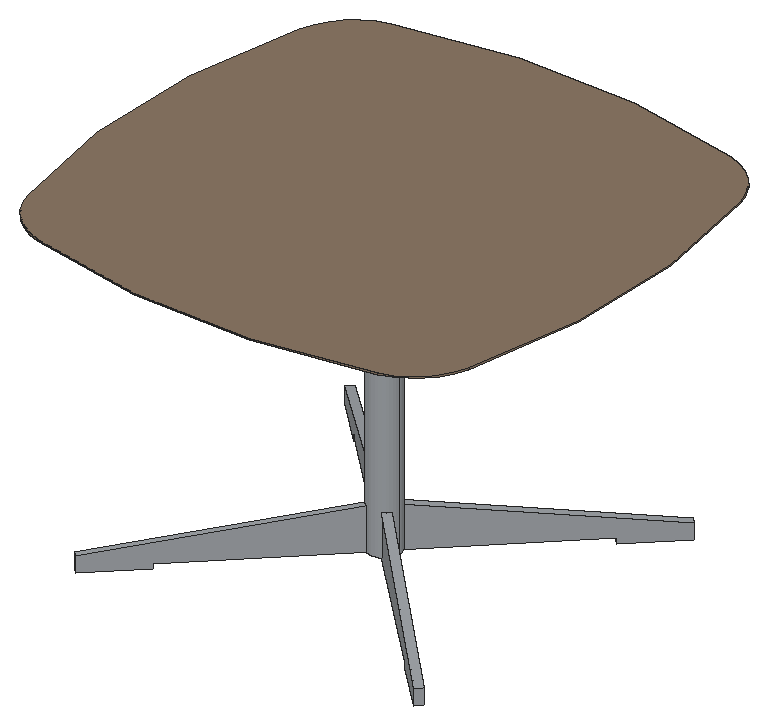
Revit family
Parameters
  URL = "http://www.martinbrattrud.com"
  Table Top [instance] = none
  SCS Certified Product = "Yes"
  Model = "Kurve 481-24SL"
  Manufacturer = "Martin Brattrud, Inc."
  Leg [instance] = none
  Keynote = "125000"
  Copyright = "© 2013 Martin Brattrud, Inc."
  Authoring Version = "Revit Architecture 2010"
  Assembly Code = "E2020200"
Reference planes (in)
  plane 1: z = 0
  plane 2 "Center Left/Right": x = 0
  plane 3: y = 0
Forms (in)
  Extrusion 1, solid, material <- "Leg"
    sketch origin (0, 0, 0) x (1, 0, 0) y (0, 1, 0)
      loop
        circle (0, 0) r 0.75
    from 0.25 to 15.065
  Extrusion 2, solid, material <- "Leg"
    sketch origin (0, 0, 0) x (-0.707107, 0.707107, 0) y (0, 0, -1)
      loop
        line (12, 0) -> (9, 0) -> (9, -0.25) -> (0.5, -0.25) -> (0.5, -2.2980769) -> (12, -0.75) -> (12, 0)
      loop
        line (-12, 0) -> (-12, -0.75) -> (-0.5, -2.2980769) -> (-0.5, -0.25) -> (-9, -0.25) -> (-9, 0) -> (-12, 0)
    from -0.1875 to 0.1875
  Extrusion 3, solid, material <- "Leg"
    sketch origin (0, 0, 0) x (-0.707107, -0.707107, 0) y (0, 0, -1)
      loop
        line (12, 0) -> (9, 0) -> (9, -0.25) -> (0.5, -0.25) -> (0.5, -2.2980769) -> (12, -0.75) -> (12, 0)
      loop
        line (-12, 0) -> (-12, -0.75) -> (-0.5, -2.2980769) -> (-0.5, -0.25) -> (-9, -0.25) -> (-9, 0) -> (-12, 0)
    from -0.1875 to 0.1875
  Extrusion 4, solid, material <- "Leg"
    sketch origin (0, 0, 0) x (1, 0, 0) y (0, 1, 0)
      loop
        circle (0, 0) r 6.5
    from 15.065 to 15.25
  Extrusion 5, solid, material <- "Table Top"
    sketch origin (0, 0, 0) x (1, 0, 0) y (0, 1, 0)
      loop
        arc (-8.4170037, 10.8946737) -> (-9.9882168, 9.9882168) -> (-10.8946737, 8.4170037) r 3.5
        arc (-10.8946737, 8.4170037) -> (-12, 0) -> (-10.8946737, -8.4170037) r 32.6001922
        arc (-10.8946737, -8.4170037) -> (-9.9882168, -9.9882168) -> (-8.4170037, -10.8946737) r 3.5
        arc (-8.4170037, -10.8946737) -> (0, -12) -> (8.4170037, -10.8946737) r 32.6001922
        arc (8.4170037, -10.8946737) -> (9.9882168, -9.9882168) -> (10.8946737, -8.4170037) r 3.5
        arc (10.8946737, -8.4170037) -> (12, 0) -> (10.8946737, 8.4170037) r 32.6001922
        arc (10.8946737, 8.4170037) -> (9.9882168, 9.9882168) -> (8.4170037, 10.8946737) r 3.5
        arc (8.4170037, 10.8946737) -> (0, 12) -> (-8.4170037, 10.8946737) r 32.6001922
    from 15.25 to 15.75
  Sweep 6, void
    path in 3D
      loop
        arc (10.8946737, -8.4170037, 15.75) -> (9.9882168, -9.9882168, 15.75) -> (8.4170037, -10.8946737, 15.75) r 3.5
        arc (8.4170037, -10.8946737, 15.75) -> (0, -12, 15.75) -> (-8.4170037, -10.8946737, 15.75) r 32.6001922
        arc (-8.4170037, -10.8946737, 15.75) -> (-9.9882168, -9.9882168, 15.75) -> (-10.8946737, -8.4170037, 15.75) r 3.5
        arc (-10.8946737, -8.4170037, 15.75) -> (-12, 0, 15.75) -> (-10.8946737, 8.4170037, 15.75) r 32.6001922
        arc (-10.8946737, 8.4170037, 15.75) -> (-9.9882168, 9.9882168, 15.75) -> (-8.4170037, 10.8946737, 15.75) r 3.5
        arc (-8.4170037, 10.8946737, 15.75) -> (0, 12, 15.75) -> (8.4170037, 10.8946737, 15.75) r 32.6001922
        arc (8.4170037, 10.8946737, 15.75) -> (9.9882168, 9.9882168, 15.75) -> (10.8946737, 8.4170037, 15.75) r 3.5
        arc (10.8946737, 8.4170037, 15.75) -> (12, 0, 15.75) -> (10.8946737, -8.4170037, 15.75) r 32.6001922
    profile origin (12, 0, 15.75) x (1, 0, 0) y (0, 0, 1)
      loop
        line (0, -0.0625) -> (-2.5, -0.5) -> (-2.5, -3.25) -> (0.3119732, -3.25) -> (0.3119732, 0) -> (0, 0) -> (0, -0.0625)
Cuts and joins
  Sweep 6 cuts Extrusion 5
Lines and regions (in)
  model lines
    curve 1: line (-0.75, 0, 0) -> (0, 0, 0)
  sketch lines
    curve 2: arc (10.8946737, 8.4170037, 15.75) -> (12, 0, 15.75) -> (10.8946737, -8.4170037, 15.75) r 32.6001922
    curve 3: arc (8.4170037, 10.8946737, 15.75) -> (9.9882168, 9.9882168, 15.75) -> (10.8946737, 8.4170037, 15.75) r 3.5
    curve 4: arc (-8.4170037, 10.8946737, 15.75) -> (0, 12, 15.75) -> (8.4170037, 10.8946737, 15.75) r 32.6001922
    curve 5: arc (-10.8946737, 8.4170037, 15.75) -> (-9.9882168, 9.9882168, 15.75) -> (-8.4170037, 10.8946737, 15.75) r 3.5
    curve 6: arc (-10.8946737, -8.4170037, 15.75) -> (-12, 0, 15.75) -> (-10.8946737, 8.4170037, 15.75) r 32.6001922
    curve 7: arc (-8.4170037, -10.8946737, 15.75) -> (-9.9882168, -9.9882168, 15.75) -> (-10.8946737, -8.4170037, 15.75) r 3.5
    curve 8: arc (8.4170037, -10.8946737, 15.75) -> (0, -12, 15.75) -> (-8.4170037, -10.8946737, 15.75) r 32.6001922
    curve 9: arc (10.8946737, -8.4170037, 15.75) -> (9.9882168, -9.9882168, 15.75) -> (8.4170037, -10.8946737, 15.75) r 3.5
